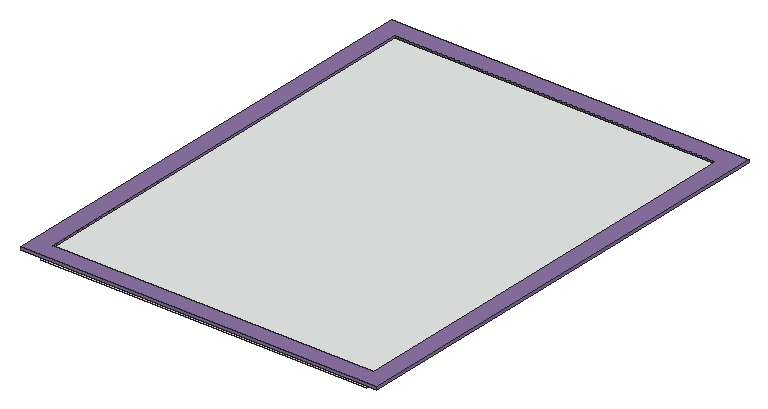
Revit family "Clarus_Float Transition_R18", category Furniture, host Face, Revit 2018
Family settings
  Host = Face
  Cut with Voids When Loaded = No
  Shared = No
  Room Calculation Point = No
Parameters (values of type "36" X 48"")
  Width = 36"
  URL = "https://www.clarus.com/"
  TRC Standards [instance] = "http://therevitcollection.com/news/trc-news-the-revit-collection-standards-explained/"
  Insert [instance] = Clarus Stainless Steel
  Product URL = "https://www.clarus.com/float-transition/"
  More Revit Families! [instance] = "www.therevitcollection.com"
  Modeled By = "Commense Studio"  # constant formula
  Model = "Float Transition"  # constant formula
  Manufacturer = "Clarus"  # constant formula
  Glass Thickness = 1/4"
  Clarus Glass [instance] = CBC-705 Personable Purple
  Description = "When inspiration strikes, make sure you have the perfect canvas to capture your creativity.\r\nWhile maintaining the sleek design and concealed hardware of the traditional Float™\r\nglassboard, Float Transition allows you to interchange your graphics, signage, or artwork as\r\ninspiration arises. The proprietary hardware, designed by Clarus engineers, not only allows\r\nfor easier mounting on uneven surfaces, but also features spring-loaded pressure points\r\nthat enables users to utilize graphic inserts of various thicknesses up to 1/4''."  # constant formula
  Height = 48"
  Designer = ""
  Depth = 1"  # constant formula
  Default Elevation = 0"
  Backer & Mount [instance] = CBC-100 Pure White
  Assembly Code = ""
Types (13): name | Width | Insert | Clarus Glass | Height
  (no name) | 36" | Clarus Stainless Steel | CBC-705 Personable Purple | 48"
  12" X 18" | 12" | Clarus Stainless Steel | CBC-223 Deep Blue | 18"
  8.5" X 11" | 8 1/2" | Clarus Stainless Steel | CBC-223 Deep Blue | 11"
  14" X 22" | 14" | Clarus Stainless Steel | CBC-306 Gallant Green | 22"
  14" X 36" | 14" | Clarus Stainless Steel | CBC-306 Gallant Green | 36"
  18" X 24" | 18" | Clarus Stainless Steel | CBC-503 POP Orange | 24"
  20" X 30" | 20" | CBC-100 Pure White | CBC-503 POP Orange | 30"
  24" X 36" | 24" | Clarus Stainless Steel | CBC-503 POP Orange | 36"
  22" X 28" | 22" | Clarus Stainless Steel | CBC-503 POP Orange | 28"
  30" X 40" | 30" | Clarus Stainless Steel | CBC-603 POP Pink | 40"
  27" X 40" | 27" | Clarus Stainless Steel | CBC-603 POP Pink | 40"
  11" X 17" | 11" | Clarus Stainless Steel | CBC-705 Personable Purple | 17"
  36" X 48" | 36" | Clarus Stainless Steel | CBC-705 Personable Purple | 48"
Reference planes (in)
  plane 1 "Center (Front/Back)": y = 0
  plane 2: z = 0
  plane 3 "Center (Left/Right)": x = 0
  plane 4 "L": x = -18
  plane 5 "R": x = 18
  plane 6 "B": y = 24
  plane 7 "F": y = -24
  plane 8: z = 1
  plane 9: z = 0.75
  plane 10: y = 26
  plane 11: x = 20
  plane 12: y = -26
  plane 13: x = -20
  plane 14: y = 25
  plane 15: y = -25
  plane 16: x = -19
  plane 17: x = 19
  plane 18: y = 25.25
  plane 19: y = 24.75
  plane 20: y = -25.25
  plane 21: y = -24.75
  plane 22: z = 0.375
  plane 23: z = 0.5
Forms (in)
  Extrusion 1, solid, material "Clarus Stainless Steel" <- "Insert"
    sketch origin (0, 0, 0) x (1, 0, 0) y (0, 1, 0)
      loop
        line (-18.25, 24.25) -> (-18.25, -24.25) -> (18.25, -24.25) -> (18.25, 24.25) -> (-18.25, 24.25)
    from 0.5 to 0.75
  Extrusion 2, solid, material "CBC-705 Personable Purple" <- "Clarus Glass"
    sketch origin (0, 0, 0) x (1, 0, 0) y (0, 1, 0)
      loop
        line (-20, 26) -> (-20, -26) -> (20, -26) -> (20, 26) -> (-20, 26)
      loop
        line (-18, 24) -> (-18, -24) -> (18, -24) -> (18, 24) -> (-18, 24)
    from 0.75 to 1
  Extrusion 3, solid, material "CBC-100 Pure White" <- "Backer & Mount"
    sketch origin (0, 0, 0) x (1, 0, 0) y (0, 1, 0)
      loop
        arc (-18.875, -24.75) -> (-18.96339, -24.78661) -> (-19, -24.875) r 0.125
        line (-19, -24.875) -> (-19, -25.125)
        arc (-19, -25.125) -> (-18.96339, -25.21339) -> (-18.875, -25.25) r 0.125
        line (-18.875, -25.25) -> (18.875, -25.25)
        arc (18.875, -25.25) -> (18.96339, -25.21339) -> (19, -25.125) r 0.125
        line (19, -25.125) -> (19, -24.875)
        arc (19, -24.875) -> (18.96339, -24.78661) -> (18.875, -24.75) r 0.125
        line (18.875, -24.75) -> (-18.875, -24.75)
    from 0.375 to 0.75
  Extrusion 4, solid, material "CBC-100 Pure White" <- "Backer & Mount"
    sketch origin (0, 0, 0) x (1, 0, 0) y (0, 1, 0)
      loop
        arc (-18.875, 25.25) -> (-18.96339, 25.21339) -> (-19, 25.125) r 0.125
        line (-19, 25.125) -> (-19, 24.875)
        arc (-19, 24.875) -> (-18.96339, 24.78661) -> (-18.875, 24.75) r 0.125
        line (-18.875, 24.75) -> (18.875, 24.75)
        arc (18.875, 24.75) -> (18.96339, 24.78661) -> (19, 24.875) r 0.125
        line (19, 24.875) -> (19, 25.125)
        arc (19, 25.125) -> (18.96339, 25.21339) -> (18.875, 25.25) r 0.125
        line (18.875, 25.25) -> (-18.875, 25.25)
    from 0.375 to 0.75
  Extrusion 5, solid, material "CBC-100 Pure White" <- "Backer & Mount"
    sketch origin (0, 0, 0) x (1, 0, 0) y (0, 1, 0)
      loop
        line (-18.25, 25.25) -> (-18.25, 21.75) -> (-16.12868, 19.62868) -> (-16.12868, -19.62868) -> (-18.25, -21.75) -> (-18.25, -25.25) -> (18.25, -25.25) -> (18.25, -21.75) -> (16.12868, -19.62868) -> (16.12868, 19.62868) -> (18.25, 21.75) -> (18.25, 25.25) -> (-18.25, 25.25)
    from 0 to 0.375
Dimensions and locks (in)
  equal spacing: plane 4 "L", plane 3 "Center (Left/Right)", plane 5 "R"
  "Width": plane 4 "L" to plane 5 "R"
  equal spacing: plane 7 "F", plane 1 "Center (Front/Back)", plane 6 "B"
  "Height": plane 7 "F" to plane 6 "B"
  "Depth": plane 8 to level
  "Glass Thickness": plane 8 to plane 9
  locked: plane 6 "B" to plane 10 at 2
  locked: plane 5 "R" to plane 11 at 2
  locked: plane 7 "F" to plane 12 at 2
  locked: plane 4 "L" to plane 13 at 2
  locked: plane 14 to plane 10 at 1
  plane 15 to plane 12 = 1"
  plane 13 to plane 16 = 1"
  plane 11 to plane 17 = 1"
  plane 18 to plane 14 to plane 19 = 1/4" locked, 1/4" locked
  plane 20 to plane 15 to plane 21 = 1/4" locked, 1/4" locked
  locked: plane 9 to plane 22 at 0.375
  locked: plane 9 to plane 23 at 0.25
  plane 18 to Extrusion 5 sketch curve to Extrusion 5 sketch curve = 3 1/2" locked, 2.12132" locked
  aligned and locked: plane 2 to host face
  aligned and locked: level to host face
  aligned and locked: Extrusion 2 to plane 9
  aligned and locked: plane 8 to Extrusion 2
  aligned and locked: plane 9 to Extrusion 3
  aligned and locked: plane 9 to Extrusion 4
  aligned and locked: Extrusion 3 to plane 22
  aligned and locked: Extrusion 4 to plane 22
  aligned and locked: Extrusion 1 to plane 23
  aligned and locked: plane 9 to Extrusion 1
  aligned and locked: plane 22 to Extrusion 5
  aligned and locked: Extrusion 5 sketch curve to plane 18
Automatic sketch dimensions
  host sketch curve to host sketch curve = 96"  (x2)
  Extrusion 1 sketch curve to plane 6 "B" = 1/4"
  plane 5 "R" to Extrusion 1 sketch curve = 1/4"
  Extrusion 1 sketch curve to plane 4 "L" = 1/4"
  plane 7 "F" to Extrusion 1 sketch curve = 1/4"
  Extrusion 2 sketch curve to plane 4 "L" = 2"
  plane 5 "R" to Extrusion 2 sketch curve = 2"
  plane 7 "F" to Extrusion 2 sketch curve = 2"
  Extrusion 2 sketch curve to plane 6 "B" = 2"
  plane 12 to Extrusion 2 sketch curve = 2"
  plane 13 to Extrusion 2 sketch curve = 2"
  plane 11 to Extrusion 2 sketch curve = 2"
  plane 10 to Extrusion 2 sketch curve = 2"
  Extrusion 3 sketch curve to plane 16 = 0"
  Extrusion 3 sketch curve to plane 21 = 0"
  plane 20 to Extrusion 3 sketch curve = 0"
  Extrusion 3 sketch curve to plane 17 = 0"
  Extrusion 3 sketch curve to plane 16 = 1/8"
  Extrusion 3 sketch curve to Extrusion 3 sketch curve = 1/8"  (x2)
  Extrusion 3 sketch curve to plane 15 = 1/8"
  Extrusion 4 sketch curve to plane 16 = 0"
  Extrusion 4 sketch curve to plane 18 = 0"
  plane 19 to Extrusion 4 sketch curve = 0"
  Extrusion 4 sketch curve to plane 17 = 0"
  Extrusion 4 sketch curve to plane 16 = 1/8"
  Extrusion 4 sketch curve to Extrusion 4 sketch curve = 1/8"  (x2)
  Extrusion 4 sketch curve to plane 14 = 1/8"
  Extrusion 5 sketch curve to plane 20 = 0"
  Extrusion 5 sketch curve to plane 4 "L" = 1/4"  (x2)
  plane 5 "R" to Extrusion 5 sketch curve = 1/4"  (x2)
  Extrusion 5 sketch curve to plane 7 "F" = 2 1/4"  (x2)
  plane 6 "B" to Extrusion 5 sketch curve = 4.37132"
  plane 6 "B" to Extrusion 5 sketch curve = 2 1/4"
  plane 4 "L" to Extrusion 5 sketch curve = 1.87132"
  Extrusion 5 sketch curve to plane 5 "R" = 1.87132"
  Extrusion 5 sketch curve to Extrusion 5 sketch curve = 2.12132"  (x2)
